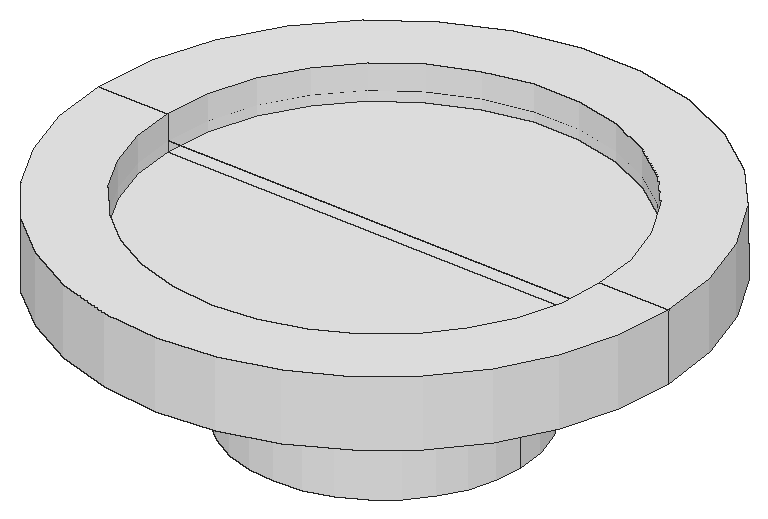
Revit family "LBSE-RD", category Lighting Fixtures, host Face, Revit 2021
Family settings
  Host = Face
  Round Connector Dimension = Use Diameter
  Part Type = Normal
  OmniClass Number = 23.80.70.11.14.11
  OmniClass Title = Downlights
  Cut with Voids When Loaded = No
  Light Source = Yes
  Shared = Yes
  Room Calculation Point = No
Parameters (values of type "LBSE-4RD")
  Width = 4.16016"
  Wattage Comments = ""
  Wattage = 25 W
  Warranty = "Five Year warranty"  # constant formula
  built-in parameter 1150110 = 1 (stored number, unit not read)
  Voltage = if(Is 120V, 120 V, 277 V)  # 120 V
  URL = "https://www.hubbell.com/prescolite/en"
  built-in parameter 1114217 = 1 (stored number, unit not read)
  Tilt Angle = -90.00°
  built-in parameter 1150109 = 1 (stored number, unit not read)
  built-in parameter 1150134 = (empty or 0)
  built-in parameter 1150113 = 1 (stored number, unit not read)
  Product Page URL = "https://www.hubbell.com/prescolite/en/Products/Lighting-Controls/Commercial-Indoor-Lighting/Recessed-Downlights/LITEBOX-Edge-Lit-Round-Fixed-CCT-Direct-J-Box-Mount/p/5227585"
  Product Material = Paint - Hubbell - White
  Product Documentation Link = "https://hubbellcdn.com/specsheet/LBSE-RD.pdf"
  Photometric Web Link = "https://www.hubbell.com/prescolite/en/Products/Lighting-Controls/Commercial-Indoor-Lighting/Recessed-Downlights/LITEBOX-Edge-Lit-Round-Fixed-CCT-Direct-J-Box-Mount/p/5227585#prod-photometry-section"
  Photometric Web File = "LBSE-4RD-30K8.ies"
  Photometric Notes = "More IES files download on Photometric Web Link"  # constant formula
  Model = "LBSE-RD"
  Manufacturer = "Prescolite"  # constant formula
  built-in parameter 1150105 = 175.07 (stored number, unit not read)
  Lumens = 2200 lm
  built-in parameter 1150115 = 1 (stored number, unit not read)
  Load Classification = Lighting
  built-in parameter 1150137 = (empty or 0)
  built-in parameter 1150139 = (empty or 0)
  built-in parameter 1150112 = 1 (stored number, unit not read)
  built-in parameter 1150114 = 1 (stored number, unit not read)
  Lamp = " LED's"  # constant formula
  Is 277V = not(Is 120V)  # no
  Is 120V = yes
  built-in parameter 1150132 = (empty or 0)
  built-in parameter 1150102 = (empty or 0)
  built-in parameter 1150107 = 3000 (stored number, unit not read)
  built-in parameter 1150138 = (empty or 0)
  built-in parameter 1150106 = 1.7507 (stored number, unit not read)
  Glass = Hubbell - White Glass
  Frequency = 60 Hz  # constant formula
  Emit from Circle Diameter = 3.00"
  Emit Shape Visible in Rendering = yes
  built-in parameter 1150104 = 8.1755 (stored number, unit not read)
  Dimming Lamp Color Temperature Shift = <None>
  Description = "LITEBOX® Edge-Lit Round Fixed CCT Direct J-Box Mount"  # constant formula
  Default Elevation = 48.00"
  Copyrights = "© 2021 Prescolite, a division of Hubbell Lighting, Inc. Specifications subject to change without notice"  # constant formula
  Contact Us = "https://www.hubbell.com/prescolite/en/"
  Connector Description = "Lighting Connector"  # constant formula
  Color Filter = 16777215
  Certifications = "cETLus listed to UL1598\r\n• Can be used in direct contact with insulation\r\n(IC Rated)\r\n• Suitable for wet locations, covered ceiling\r\n• Suitable for use in clothes closets when\r\ninstalled in accordance to N.E.C. 410.16\r\n• ENERGY STAR® certified"  # constant formula
  built-in parameter 1114218 = 1 (stored number, unit not read)
  built-in parameter 1150133 = 10 (stored number, unit not read)
  Apparent Load = 52 VA
Types (4): name | Width | Photometric Web File | Emit from Circle Diameter
  (no name) | 4.16016" | "LBSE-4RD-30K8.ies" | 3.00"
  LBSE-4RD | 4.16016" | "LBSE-4RD-30K8.ies" | 3.00"
  LBSE-6RD | 6.00" | "LBSE-6RD-30K8.ies" | 5.00"
  LBSE-8RD | 8.00" | "LBSE-8RD-30K8.ies" | 7.50"
Reference planes (in)
  plane 1 "Center (Front/Back)": y = 0
  plane 2: z = 0
  plane 3 "Center (Left/Right)": x = 0
  plane 4: y = 3
  plane 5: y = -3
  plane 6: y = 2
  plane 7: y = -2
  plane 8: x = -2.08008
  plane 9: x = 2.08008
  plane 10: z = 0.48047
  plane 11: z = 1.41016
  plane 12: x = 1.58008
Forms (in)
  Extrusion 1, void
    sketch origin (0, 0, 0) x (1, 0, 0) y (0, 1, 0)
      loop
        circle (0, 0) r 2
    from -1.25 to 0
  Revolve 2, solid, material "Paint - Hubbell - White" <- "Product Material"
    sketch origin (0, 0, 0) x (1, 0, 0) y (0, 0, 1)
      loop
        line (0, 0) -> (2.08008, 0) -> (2.08008, 0.48047) -> (1.58008, 0.48047) -> (1.58008, 0.23047) -> (0, 0.23047) -> (0, 0)
      axis (0, 0.48047) -> (0, 0)
    angle from 0 to 360
  Revolve 3, solid, material "Paint - Hubbell - White" <- "Product Material"
    sketch origin (0, 0, 0) x (1, 0, 0) y (0, 0, 1)
      loop
        line (0, 0) -> (0, -0.93) -> (1, -0.93) -> (1, 0) -> (0, 0)
      axis (0, 0) -> (0, -0.93)
    angle from 0 to 360
  Revolve 4, solid, material "Hubbell - White Glass" <- "Glass"
    sketch origin (0, 0, 0) x (1, 0, 0) y (0, 0, 1)
      loop
        line (0, 0.23047) -> (1.58008, 0.23047) -> (1.58008, 0.30213) -> (0, 0.30213) -> (0, 0.23047)
      axis (0, 0.30213) -> (0, 0.23047)
    angle from 0 to 360
Dimensions and locks (in)
  "Width": plane 9 to plane 8
  equal spacing: plane 9, plane 3 "Center (Left/Right)", plane 8
  locked: plane 9 to plane 12 at 0.5
  radius of Extrusion 1 sketch curve = 2.00"
  aligned and locked: plane 2 to host face
  aligned and locked: level to host face
  aligned and locked: level to Extrusion 1
  aligned and locked: plane 1 "Center (Front/Back)" to Extrusion 1 sketch curve
  aligned and locked: plane 3 "Center (Left/Right)" to Extrusion 1 sketch curve
  aligned and locked: Revolve 2 sketch curve to plane 3 "Center (Left/Right)"
  aligned and locked: plane 9 to Revolve 2 sketch curve
  aligned and locked: Revolve 2 sketch curve to plane 12
  aligned and locked: Revolve 2 sketch curve to plane 10
  aligned and locked: Revolve 3 sketch curve to plane 3 "Center (Left/Right)"
Automatic sketch dimensions
  host sketch curve to host sketch curve = 96.00"  (x2)
  Revolve 2 sketch curve to plane 3 "Center (Left/Right)" = 0.00"
  Revolve 2 sketch curve to level = 0.00"
  level to Revolve 2 sketch curve = 0.23047"
  Revolve 2 sketch curve to Revolve 2 sketch curve = 24.00"
  Revolve 2 sketch curve to plane 11 = 26.23402"
  Revolve 3 sketch curve to level = 0.00"
  Revolve 3 sketch curve to plane 3 "Center (Left/Right)" = 0.00"
  plane 3 "Center (Left/Right)" to Revolve 3 sketch curve = 1.00"
  Revolve 3 sketch curve to level = 0.93"
  Revolve 3 sketch curve to Revolve 3 sketch curve = 23.07"
  Revolve 3 sketch curve to plane 11 = 26.23402"
  Revolve 4 sketch curve to plane 3 "Center (Left/Right)" = 0.00"  (x2)
  Revolve 4 sketch curve to plane 12 = 0.00"
  level to Revolve 4 sketch curve = 0.23047"
  Revolve 4 sketch curve to Revolve 4 sketch curve = 0.07167"
  Revolve 4 sketch curve to level = 24.00"
  Revolve 4 sketch curve to plane 11 = 26.23402"
Connectors (in)
  electrical at (0, 0, 0), driven by "Connector Description", driven by "Voltage", driven by "Apparent Load", driven by "Load Classification"
    settings: on host face, index 1, voltage 120 V, apparent load 52 VA, apparent load phase1 0 VA, apparent load phase2 0 VA, apparent load phase3 0 VA, power factor 0.9, load classification "Lighting", number of poles 1, system type 30, power factor state 1, is connector primary yes, connector utility no, sub classification motor no, connector description "Lighting Connector"
